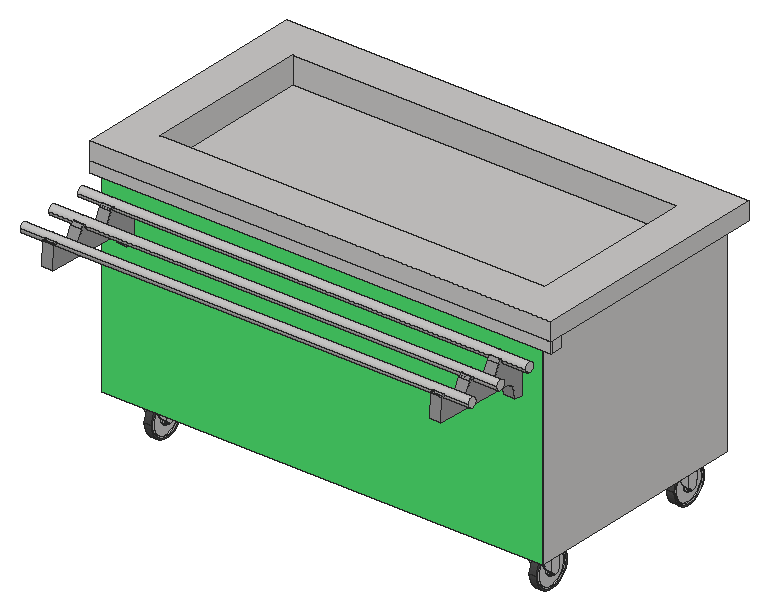
Revit family "QF_BOURGEAT_Self_meuble_cuve_froid_statique_baie_libre_4GN", category Equipement spécialisé, Revit 2015 (continued)
Definition of nested family "barre_et_console"
  Definition of nested family "console"
    Automatic sketch dimensions
      Extrusion 2 sketch curve to Extrusion 2 sketch curve = 37.038 mm
      Extrusion 2 sketch curve to Extrusion 2 sketch curve = 39.239 mm
      Extrusion 2 sketch curve to Extrusion 2 sketch curve = 30.803 mm
      Extrusion 2 sketch curve to Extrusion 2 sketch curve = 34.743 mm
      Extrusion 2 sketch curve to Extrusion 2 sketch curve = 0.23 mm
      Extrusion 2 sketch curve to Extrusion 2 sketch curve = 36.015 mm
      Extrusion 2 sketch curve to Extrusion 2 sketch curve = 2.071 mm
      Extrusion 2 sketch curve to Extrusion 2 sketch curve = 7.575 mm
  Definition of nested family "barre"
    Parameters (values of type "barre")
      lg_barre = 1165 mm
    Reference planes
      plane 1 "Centre (avant/arrière)": y = 0
      plane 2: z = 0
      plane 3 "Centre (gauche/droite)": x = 0
      plane 4: x = 70
      plane 5: x = 190
      plane 6: x = 309
      plane 7: z = 300.963
      plane 8: z = 94.658
      plane 9: y = 0
      plane 10: y = 1165
    Forms (mm)
      Extrusion 1, solid
        sketch origin (0, 0, 0) x (1, 0, 0) y (0, 0, 1)
          loop
            circle (70, 300.963) r 15
          loop
            circle (190, 300.963) r 15
          loop
            circle (309, 300.963) r 15
        from 0 to -1165
    Dimensions and locks
      plane 4 to plane 3 "Centre (gauche/droite)" = 70 mm
      plane 6 to plane 5 to plane 4 = 119 mm, 120 mm
      "lg_barre": plane 10 to plane 1 "Centre (avant/arrière)"
      aligned and locked: level to plane 2
      aligned and locked: Extrusion 1 to plane 9
      aligned and locked: plane 9 to plane 1 "Centre (avant/arrière)"
      aligned and locked: plane 10 to Extrusion 1
    Automatic sketch dimensions
      Extrusion 1 sketch curve to plane 4 = 0 mm
      Extrusion 1 sketch curve to plane 5 = 0 mm
      Extrusion 1 sketch curve to plane 6 = 0 mm
      Extrusion 1 sketch curve to plane 7 = 0 mm  (x3)
      radius of Extrusion 1 sketch curve = 15 mm  (x3)
Types (25, lengths in mm): name | profondeur_cuve | presentoir | etageres | Roues | Puissance électrique  | Poids net à vide | Pieds | Modèle | Intensité nominale
  (no name) | 90 | no | no | yes | 700 W | 230.00 kg | no | "853094 + 854950" | 3.04348 A
  baie _libre_cuve30 | 30 | no | no | no | 700 W | 230.00 kg | yes | "853024" | 3.04348 A
  baie _libre_cuve90 | 90 | no | no | no | 700 W | 230.00 kg | yes | "853094" | 3.04348 A
  baie _libre_cuve30_presentoir_lampe_fluorecente | 30 | yes | no | no | 732 W | 250.00 kg | yes | "853024 + 853314" | 3.18261 A
  baie _libre_cuve30_presentoir_lampe_LED | 30 | yes | no | no | 732 W | 250.00 kg | yes | "853024 + 853324" | 3.18261 A
  baie _libre_cuve90_presentoir_lampe_fluorecente | 90 | yes | no | no | 732 W | 250.00 kg | yes | "853094 + 853314" | 3.18261 A
  baie _libre_cuve90_presentoir_lampe_LED | 90 | yes | no | no | 732 W | 250.00 kg | yes | "853094 + 853324" | 3.18261 A
  baie _libre_cuve30_roues | 30 | no | no | yes | 700 W | 230.00 kg | no | "853024 + 854950" | 3.04348 A
  baie _libre_cuve90_roues | 90 | no | no | yes | 700 W | 230.00 kg | no | "853094 + 854950" | 3.04348 A
  baie _libre_cuve30_etageres | 30 | no | yes | no | 700 W | 230.00 kg | yes | "853024 + 854914" | 3.04348 A
  baie _libre_cuve90_etageres | 90 | no | yes | no | 700 W | 230.00 kg | yes | "853094 + 854914" | 3.04348 A
  baie _libre_cuve30_presentoir_lampe_fluorecente_etageres | 30 | yes | yes | no | 732 W | 250.00 kg | yes | "853024 + 853314 + 854914" | 3.18261 A
  baie _libre_cuve30_presentoir_lampe_LED_etageres | 30 | yes | yes | no | 732 W | 250.00 kg | yes | "853024 + 853324 + 854914" | 3.18261 A
  baie _libre_cuve90_presentoir_lampe_fluorecente_etageres | 90 | yes | yes | no | 732 W | 250.00 kg | yes | "853094 + 853314 + 854914" | 3.18261 A
  baie _libre_cuve90_presentoir_lampe_LED_etageres | 90 | yes | yes | no | 732 W | 250.00 kg | yes | "853094 + 853324 + 854914" | 3.18261 A
  baie _libre_cuve30_presentoir_lampe_fluorecente_roues | 30 | yes | no | yes | 732 W | 250.00 kg | no | "853024 + 853314 + 854950" | 3.18261 A
  baie _libre_cuve30_presentoir_lampe_LED_roues | 30 | yes | no | yes | 732 W | 250.00 kg | no | "853024 + 853324 + 854950" | 3.18261 A
  baie _libre_cuve90_presentoir_lampe_fluorecente_roues | 90 | yes | no | yes | 732 W | 250.00 kg | no | "853094 + 853314 + 854950" | 3.18261 A
  baie _libre_cuve90_presentoir_lampe_LED_roues | 90 | yes | no | yes | 732 W | 250.00 kg | no | "853094 + 853324 + 854950" | 3.18261 A
  baie _libre_cuve30_presentoir_lampe_fluorecente_etageres_roues | 30 | yes | yes | yes | 732 W | 250.00 kg | no | "853024 + 853314 + 854914 + 854950" | 3.18261 A
  baie _libre_cuve30_presentoir_lampe_LED_etageres_roues | 30 | yes | yes | yes | 732 W | 250.00 kg | no | "853024 + 853324 + 854914 + 854950" | 3.18261 A
  baie _libre_cuve90_presentoir_lampe_fluorecente_etageres_roues | 90 | yes | yes | yes | 732 W | 250.00 kg | no | "853094 + 853314 + 854914 + 854950" | 3.18261 A
  baie _libre_cuve90_presentoir_lampe_LED_etageres_roues | 90 | yes | yes | yes | 732 W | 250.00 kg | no | "853094 + 853324 + 854914 + 854950" | 3.18261 A
  baie _libre_cuve30_etageres_roues | 30 | no | yes | yes | 700 W | 230.00 kg | no | "853024 + 854914 + 854950" | 3.04348 A
  baie _libre_cuve90_etageres_roues | 90 | no | yes | yes | 700 W | 230.00 kg | no | "853094 + 854914 + 854950" | 3.04348 A
